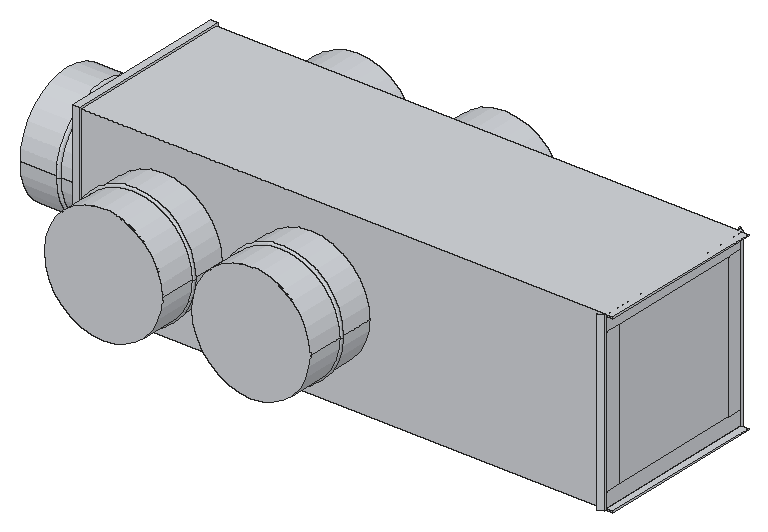
Revit family
Parameters (values of type "Inlet Size 225")
  d = M / 2  # 100.0 mm
  URL = "http://www.productspec.net/products/29690/holyoake-industries/control-volume-assemblies-hcv.aspx"
  Type Comments = "Variable Air Volume Multi Outlet Adaptor"  # constant formula
  Outlet E = yes
  Outlet D = yes
  Outlet C = yes
  Outlet B = yes
  Outlet A = yes
  Model = "VAV - Multi Outlet Adaptor"  # constant formula
  Min Flow = 0.0 L/s
  Max Flow = 0.0 L/s
  Manufacturer = "Holyoake Industries Ltd"  # constant formula
  Insulation [instance] = none
  Engineering Data [instance] = "http://www.productspec.net/nas/TechnicalFiles/2367/p29690/G7-G13%20HCV%20Performance.pdf"
  M = 200.0 mm
  Description = "An HCV terminal can consist of a basic unit alone or with any combination of accessories."  # constant formula
  Created By = "Productspec Ltd"  # constant formula
  Outlet Adaptor [instance] = none
  H = 296.0 mm
  Author = "Zinder Zhao"  # constant formula
  G = 286.0 mm
  Assembly Code = ""
  Air Flow [instance] = 0.0 L/s
Types (6, lengths in mm): name | d | Outlet E | Outlet C | M | H | G
  (no name) | 100.0 | yes | yes | 200.0 | 296.0 | 286.0
  Inlet Sizes 100, 125 & 150 | 75.0 | no | no | 150.0 | 223.0 | 286.0
  Inlet Size 300 | 100.0 | yes | yes | 200.0 | 369.0 | 428.0
  Inlet Size 250 | 100.0 | yes | yes | 200.0 | 296.0 | 428.0
  Inlet Size 225 | 100.0 | yes | yes | 200.0 | 296.0 | 286.0
  Inlet Sizes 175 & 200 | 87.5 | no | yes | 175.0 | 296.0 | 286.0
Reference planes
  plane 1 "Center (Front/Back)": y = 0
  plane 2 "Bottom": z = 0
  plane 3 "Center (Left/Right)": x = 0
  plane 4 "Back": y = 143
  plane 5 "Front": y = -143
  plane 6 "Right": x = 450
  plane 7 "Left": x = -450
  plane 8 "Inlet": x = -575
  plane 9 "Top": z = 296
  plane 10: z = 148
  plane 11: z = 248
  plane 12: z = 48
  plane 13: y = -100
  plane 14: y = 100
  plane 15: x = -300
  plane 16: x = -50
  plane 17: y = -268
  plane 18: y = 268
Forms (mm)
  Extrusion 1, solid, material <- "Outlet Adaptor"
    sketch origin (-450, 0, 0) x (0, 1, 0) y (0, 0, 1)
      loop
        line (143, 296) -> (-143, 296) -> (-143, 0) -> (143, 0) -> (143, 296)
      loop
        line (141, 294) -> (-141, 294) -> (-141, 2) -> (141, 2) -> (141, 294)
    from 0 to 900
  Extrusion 2, solid, material <- "Outlet Adaptor", visible <- "Outlet A"
    sketch origin (-575, -37.5, 0) x (0, 1, 0) y (0, 0, 1)
      loop
        circle (37.5, 148) r 100
    from 0 to 125
  Sweep 3, solid, material <- "Outlet Adaptor", visible <- "Outlet A", detail levels medium+fine
    path in 3D
      loop
        arc (-575, -100, 148) -> (-575, 0, 48) -> (-575, 100, 148) r 100
        arc (-575, 100, 148) -> (-575, 0, 248) -> (-575, -100, 148) r 100
    profile origin (-575, 0, 248) x (0, 0, 1) y (-1, 0, 0)
      loop
        arc (0, -67.753) -> (3, -64.753) -> (0, -61.753) r 3
        line (0, -61.753) -> (0, -67.753)
  Extrusion 4, solid, material <- "Outlet Adaptor"
    sketch origin (-450, 0, 0) x (0, 1, 0) y (0, 0, 1)
      loop
        line (146, 299) -> (-146, 299) -> (-146, -3) -> (146, -3) -> (146, 299)
    from 0 to 12
  Extrusion 5, solid, material <- "Outlet Adaptor"
    sketch origin (450, 0, 0) x (0, 1, 0) y (0, 0, 1)
      loop
        line (143, 296) -> (-143, 296) -> (-143, 294) -> (143, 294) -> (143, 296)
      loop
        line (143, 0) -> (143, 2) -> (-143, 2) -> (-143, 0) -> (143, 0)
    from 0 to 12
  Extrusion 6, solid, material <- "Outlet Adaptor"
    sketch origin (0, 0, 0) x (1, 0, 0) y (0, 1, 0)
      loop
        line (450, -143) -> (448, -143) -> (448, -144.923) -> (440.34, -149.345) -> (441.34, -151.077) -> (450, -146.077) -> (450, -143)
      loop
        line (450, 143) -> (450, 146.077) -> (441.34, 151.077) -> (440.34, 149.345) -> (448, 144.923) -> (448, 143) -> (450, 143)
    from 0 to 296 <- "H"
  Extrusion 7, solid, material <- "Outlet Adaptor"
    sketch origin (450, 0, 0) x (0, 1, 0) y (0, 0, 1)
      loop
        line (143, 296) -> (-143, 296) -> (-143, 0) -> (143, 0) -> (143, 296)
    from 0 to -2
  Extrusion 8, solid, material <- "Outlet Adaptor", visible <- "Outlet D"
    sketch origin (-212.5, -339, 0) x (-1, 0, 0) y (0, 0, 1)
      loop
        circle (87.5, 148) r 100
    from 71 to 196
  Sweep 9, solid, material <- "Outlet Adaptor", visible <- "Outlet D", detail levels medium+fine
    path in 3D
      loop
        arc (-200, -268, 148) -> (-300, -268, 48) -> (-400, -268, 148) r 100
        arc (-400, -268, 148) -> (-300, -268, 248) -> (-200, -268, 148) r 100
    profile origin (-300, -268, 248) x (0, 0, 1) y (0, -1, 0)
      loop
        arc (0, -67.753) -> (3, -64.753) -> (0, -61.753) r 3
        line (0, -61.753) -> (0, -67.753)
  Extrusion 10, solid, material <- "Outlet Adaptor", visible <- "Outlet E"
    sketch origin (137.5, -339, 0) x (-1, 0, 0) y (0, 0, 1)
      loop
        circle (187.5, 148) r 100
    from 71 to 196
  Sweep 11, solid, material <- "Outlet Adaptor", visible <- "Outlet E", detail levels medium+fine
    path in 3D
      loop
        arc (50, -268, 148) -> (-50, -268, 48) -> (-150, -268, 148) r 100
        arc (-150, -268, 148) -> (-50, -268, 248) -> (50, -268, 148) r 100
    profile origin (-50, -268, 248) x (0, 0, 1) y (0, -1, 0)
      loop
        arc (0, -67.753) -> (3, -64.753) -> (0, -61.753) r 3
        line (0, -61.753) -> (0, -67.753)
  Extrusion 12, solid, material <- "Outlet Adaptor", visible <- "Outlet C"
    sketch origin (137.5, 339, 0) x (-1, 0, 0) y (0, 0, -1)
      loop
        circle (187.5, -148) r 100
    from 71 to 196
  Sweep 13, solid, material <- "Outlet Adaptor", visible <- "Outlet C", detail levels medium+fine
    path in 3D
      loop
        arc (-150, 268, 148) -> (-50, 268, 48) -> (50, 268, 148) r 100
        arc (50, 268, 148) -> (-50, 268, 248) -> (-150, 268, 148) r 100
    profile origin (-50, 268, 248) x (0, 0, 1) y (0, 1, 0)
      loop
        arc (0, -67.753) -> (3, -64.753) -> (0, -61.753) r 3
        line (0, -61.753) -> (0, -67.753)
  Extrusion 14, solid, material <- "Outlet Adaptor", visible <- "Outlet B"
    sketch origin (-212.5, 339, 0) x (-1, 0, 0) y (0, 0, -1)
      loop
        circle (87.5, -148) r 100
    from 71 to 196
  Sweep 15, solid, material <- "Outlet Adaptor", visible <- "Outlet B", detail levels medium+fine
    path in 3D
      loop
        arc (-400, 268, 148) -> (-300, 268, 48) -> (-200, 268, 148) r 100
        arc (-200, 268, 148) -> (-300, 268, 248) -> (-400, 268, 148) r 100
    profile origin (-300, 268, 248) x (0, 0, 1) y (0, 1, 0)
      loop
        arc (0, -67.753) -> (3, -64.753) -> (0, -61.753) r 3
        line (0, -61.753) -> (0, -67.753)
  Extrusion 16, solid, material <- "Insulation"
    sketch origin (450, 0, 0) x (0, 1, 0) y (0, 0, 1)
      loop
        line (-141, 2) -> (141, 2) -> (141, 27) -> (-141, 27) -> (-141, 2)
      loop
        line (-141, 294) -> (-141, 269) -> (141, 269) -> (141, 294) -> (-141, 294)
    from 0 to -898
  Extrusion 17, solid, material <- "Insulation"
    sketch origin (450, 0, 0) x (0, 1, 0) y (0, 0, 1)
      loop
        line (-141, 269) -> (-141, 27) -> (-116, 27) -> (-116, 269) -> (-141, 269)
      loop
        line (141, 269) -> (116, 269) -> (116, 27) -> (141, 27) -> (141, 269)
    from 0 to -898
Cuts and joins
  joined: Extrusion 1, Extrusion 4, Extrusion 5, Extrusion 6, Extrusion 7
Lines and regions (mm)
  sketch lines
    curve 1: arc (-575, 100, 148) -> (-575, 0, 248) -> (-575, -100, 148) r 100
    curve 2: arc (-575, -100, 148) -> (-575, 0, 48) -> (-575, 100, 148) r 100
    curve 3: arc (-400, -268, 148) -> (-300, -268, 248) -> (-200, -268, 148) r 100
    curve 4: arc (-200, -268, 148) -> (-300, -268, 48) -> (-400, -268, 148) r 100
    curve 5: arc (-150, -268, 148) -> (-50, -268, 248) -> (50, -268, 148) r 100
    curve 6: arc (50, -268, 148) -> (-50, -268, 48) -> (-150, -268, 148) r 100
    curve 7: arc (50, 268, 148) -> (-50, 268, 248) -> (-150, 268, 148) r 100
    curve 8: arc (-150, 268, 148) -> (-50, 268, 48) -> (50, 268, 148) r 100
    curve 9: arc (-200, 268, 148) -> (-300, 268, 248) -> (-400, 268, 148) r 100
    curve 10: arc (-400, 268, 148) -> (-300, 268, 48) -> (-200, 268, 148) r 100
Dimensions and locks
  equal spacing: plane 9 "Top", plane 10, plane 2 "Bottom"
  "H": plane 9 "Top" to plane 2 "Bottom"
  "G": plane 4 "Back" to plane 5 "Front"
  locked: plane 8 "Inlet" to plane 7 "Left" at 125
  locked: plane 7 "Left" to plane 6 "Right" at 900
  equal spacing: plane 4 "Back", plane 1 "Center (Front/Back)", plane 5 "Front"
  equal spacing: plane 14, plane 1 "Center (Front/Back)", plane 13
  "M": plane 14 to plane 13
  equal spacing: plane 11, plane 10, plane 12
  "M": plane 11 to plane 12
  locked: plane 5 "Front" to Extrusion 4 sketch curve at 3
  locked: plane 2 "Bottom" to Extrusion 4 sketch curve at 3
  locked: Extrusion 4 sketch curve to plane 4 "Back" at 3
  locked: plane 9 "Top" to Extrusion 4 sketch curve at 3
  equal spacing: plane 7 "Left", plane 3 "Center (Left/Right)", plane 6 "Right"
  plane 7 "Left" to plane 15 = 150.0 mm
  plane 7 "Left" to plane 16 = 400.0 mm
  locked: plane 17 to plane 5 "Front" at 125
  locked: plane 4 "Back" to plane 18 at 125
  locked: Extrusion 16 sketch curve to cut or joined group of Extrusion 1, Extrusion 4, Extrusion 5, Extrusion 6, Extrusion 7 at 25  (x2)
  locked: cut or joined group of Extrusion 1, Extrusion 4, Extrusion 5, Extrusion 6, Extrusion 7 to Extrusion 17 sketch curve at 25
  locked: Extrusion 17 sketch curve to cut or joined group of Extrusion 1, Extrusion 4, Extrusion 5, Extrusion 6, Extrusion 7 at 25
  "d": radius of Extrusion 2 sketch curve
  "d": radius of Extrusion 8 sketch curve
  "d": radius of Extrusion 10 sketch curve
  "d": radius of Extrusion 12 sketch curve
  "d": radius of Extrusion 14 sketch curve
  aligned and locked: plane 4 "Back" to Extrusion 1 sketch curve
  aligned and locked: plane 9 "Top" to Extrusion 1 sketch curve
  aligned and locked: level to Extrusion 1 sketch curve
  aligned and locked: plane 5 "Front" to Extrusion 1 sketch curve
  aligned and locked: plane 7 "Left" to Extrusion 2
  aligned and locked: plane 6 "Right" to Extrusion 1
  aligned and locked: Extrusion 5 sketch curve to plane 9 "Top"
  aligned and locked: plane 4 "Back" to Extrusion 5 sketch curve
  aligned and locked: Extrusion 5 sketch curve to plane 5 "Front"  (x2)
  aligned and locked: Extrusion 1 to Extrusion 5 sketch curve
  aligned and locked: Extrusion 5 sketch curve to Extrusion 1
  aligned and locked: plane 5 "Front" to Extrusion 6 sketch curve
  aligned and locked: Extrusion 6 sketch curve to plane 6 "Right"
  aligned and locked: plane 6 "Right" to Extrusion 6 sketch curve
  aligned and locked: plane 4 "Back" to Extrusion 6 sketch curve
  aligned and locked: Extrusion 7 sketch curve to cut or joined group of Extrusion 1, Extrusion 4, Extrusion 5, Extrusion 6, Extrusion 7  (x3)
  aligned and locked: cut or joined group of Extrusion 1, Extrusion 4, Extrusion 5, Extrusion 6, Extrusion 7 to Extrusion 7 sketch curve
  aligned and locked: plane 4 "Back" to Extrusion 12
  aligned and locked: Extrusion 12 to plane 18
  aligned and locked: Extrusion 12 to cut or joined group of Extrusion 1, Extrusion 4, Extrusion 5, Extrusion 6, Extrusion 7
  aligned and locked: plane 17 to Extrusion 8
  aligned and locked: Extrusion 8 to plane 5 "Front"
  aligned and locked: plane 17 to Extrusion 10
  aligned and locked: Extrusion 10 to plane 5 "Front"
  aligned and locked: plane 4 "Back" to Extrusion 14
  aligned and locked: Extrusion 14 to plane 18
  aligned and locked: cut or joined group of Extrusion 1, Extrusion 4, Extrusion 5, Extrusion 6, Extrusion 7 to Extrusion 16 sketch curve  (x3)
  aligned and locked: Extrusion 16 sketch curve to cut or joined group of Extrusion 1, Extrusion 4, Extrusion 5, Extrusion 6, Extrusion 7  (x3)
  aligned and locked: Extrusion 16 to Extrusion 17 sketch curve  (x3)
  aligned and locked: Extrusion 17 sketch curve to Extrusion 16  (x3)
  aligned and locked: plane 11 to Sweep 9 sketch curve
  aligned and locked: plane 11 to Sweep 11 sketch curve
  aligned and locked: plane 11 to Sweep 3 sketch curve
  aligned and locked: Sweep 13 sketch curve to plane 11
  aligned and locked: Sweep 15 sketch curve to plane 11
Automatic sketch dimensions
  Extrusion 1 sketch curve to plane 5 "Front" = 2.0 mm
  plane 4 "Back" to Extrusion 1 sketch curve = 2.0 mm
  level to Extrusion 1 sketch curve = 2.0 mm
  Extrusion 1 sketch curve to plane 9 "Top" = 2.0 mm
  Extrusion 2 sketch curve to plane 1 "Center (Front/Back)" = 0.0 mm
  Extrusion 2 sketch curve to plane 10 = 0.0 mm
  level to Extrusion 5 sketch curve = 2.0 mm
  Extrusion 5 sketch curve to plane 9 "Top" = 2.0 mm
  Extrusion 6 sketch curve to plane 6 "Right" = 2.0 mm  (x2)
  Extrusion 6 sketch curve to plane 6 "Right" = 8.66 mm  (x2)
  plane 5 "Front" to Extrusion 6 sketch curve = 6.345 mm
  Extrusion 6 sketch curve to Extrusion 6 sketch curve = 1.0 mm  (x2)
  Extrusion 6 sketch curve to plane 4 "Back" = 6.345 mm
  Extrusion 6 sketch curve to Extrusion 6 sketch curve = 1.732 mm
  Extrusion 6 sketch curve to Extrusion 6 sketch curve = 1.923 mm
  Extrusion 8 sketch curve to plane 10 = 0.0 mm
  Extrusion 8 sketch curve to plane 15 = 0.0 mm
  Extrusion 10 sketch curve to plane 10 = 0.0 mm
  Extrusion 10 sketch curve to plane 16 = 0.0 mm
  Extrusion 12 sketch curve to plane 10 = 0.0 mm
  Extrusion 12 sketch curve to plane 16 = 0.0 mm
  Extrusion 14 sketch curve to plane 10 = 0.0 mm
  Extrusion 14 sketch curve to plane 15 = 0.0 mm
  Sweep 9 sketch curve to profile plane = 67.753 mm
  Sweep 9 sketch curve to Sweep 9 sketch curve = 3.0 mm
  Sweep 11 sketch curve to profile plane = 67.753 mm
  Sweep 11 sketch curve to Sweep 11 sketch curve = 3.0 mm
  Sweep 3 sketch curve to profile plane = 67.753 mm
  Sweep 3 sketch curve to Sweep 3 sketch curve = 3.0 mm
  Sweep 13 sketch curve to profile plane = 67.753 mm
  Sweep 13 sketch curve to Sweep 13 sketch curve = 3.0 mm
  Sweep 15 sketch curve to profile plane = 67.753 mm
  Sweep 15 sketch curve to Sweep 15 sketch curve = 3.0 mm
Connectors
  hvac at (450, 0, 148), driven by "Max Flow", driven by "H", driven by "G"
    settings: on cut or joined group of Extrusion 1, Extrusion 4, Extrusion 5, Extrusion 6, Extrusion 7, index 1
  hvac at (-575, 0, 148), driven by "d", driven by "Air Flow"
    settings: on Extrusion 2, index 2
  hvac at (-300, -268, 148), driven by "Air Flow", driven by "d"
    settings: on Extrusion 8, index 3
  hvac at (-50, -268, 148), driven by "Air Flow", driven by "d"
    settings: on Extrusion 10, index 4
  hvac at (-300, 268, 148), driven by "Air Flow", driven by "d"
    settings: on Extrusion 14, index 5
  hvac at (-50, 268, 148), driven by "Air Flow", driven by "d"
    settings: on Extrusion 12, index 6
